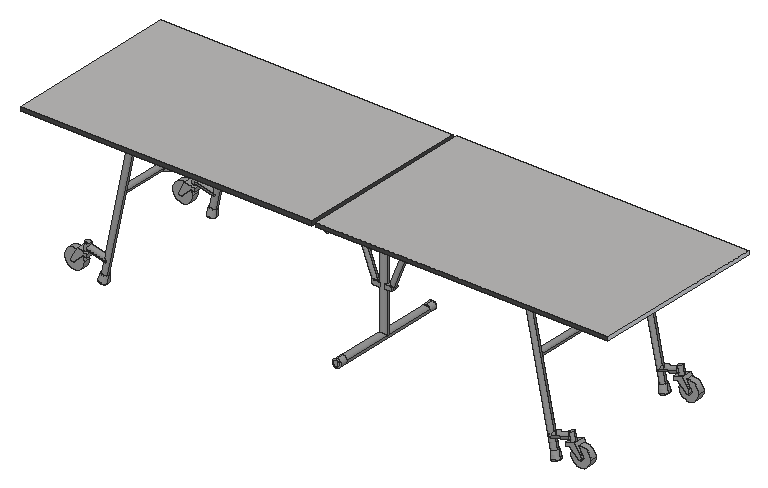
Revit family "23M Rect. 10 Long x 29 High", category Furniture, Revit 2016 (continued)
Automatic sketch dimensions
  Extrusion 57 sketch curve to plane 1 "Center Front/Back" = 1' - 1.83838"
  level to Extrusion 58 sketch curve = 0' - 2.60323"
  plane 3 "Center Left/Right" to Extrusion 58 sketch curve = 4' - 4.13109"
  level to Extrusion 58 sketch curve = 0' - 3.19045"
  Extrusion 58 sketch curve to Extrusion 58 sketch curve = 0' - 0.0982"
  level to Extrusion 58 sketch curve = 0' - 2.37748"
  Extrusion 58 sketch curve to Extrusion 58 sketch curve = 0' - 0.1639"
  Extrusion 58 sketch curve to Extrusion 58 sketch curve = 0' - 0.19297"
  level to Extrusion 58 sketch curve = 0' - 2.3319"
  Extrusion 58 sketch curve to Extrusion 58 sketch curve = 0' - 0.30329"
  level to Extrusion 58 sketch curve = 0' - 5.18826"
  Extrusion 58 sketch curve to Extrusion 58 sketch curve = 0' - 1.14473"
  level to Extrusion 58 sketch curve = 0' - 4.11073"
  Extrusion 58 sketch curve to Extrusion 58 sketch curve = 0' - 1.13066"
  level to Extrusion 58 sketch curve = 0' - 4.04579"
  Extrusion 58 sketch curve to Extrusion 58 sketch curve = 0' - 0.72713"
  level to Extrusion 58 sketch curve = 0' - 4.64752"
  level to Extrusion 59 sketch curve = 0' - 2.82768"
  plane 3 "Center Left/Right" to Extrusion 59 sketch curve = 4' - 3.73769"
  level to Revolve 60 sketch curve = 0' - 0.62113"
  plane 3 "Center Left/Right" to Revolve 60 sketch curve = 3' - 11.16175"
  level to Revolve 60 sketch curve = 0' - 0.41139"
  Revolve 60 sketch curve to Revolve 60 sketch curve = 0' - 0.08686"
  Revolve 60 sketch curve to Revolve 60 sketch curve = 0' - 0.15789"
  level to Revolve 60 sketch curve = 0' - 2.03067"
  Revolve 60 sketch curve to Revolve 60 sketch curve = 0' - 0.51303"
  level to Revolve 60 sketch curve = 0' - 0.24814"  (x2)
  Revolve 60 sketch curve to Revolve 60 sketch curve = 0' - 0.69699"
  Revolve 60 sketch curve to Revolve 60 sketch curve = 0' - 0"  (x2)
  level to Revolve 60 sketch curve = 0' - 1.8841"
  plane 1 "Center Front/Back" to Extrusion 61 sketch curve = 1' - 1.83838"
  plane 1 "Center Front/Back" to Extrusion 62 sketch curve = 1' - 1.83838"
  plane 1 "Center Front/Back" to Extrusion 63 sketch curve = 1' - 1.83838"
  level to Extrusion 64 sketch curve = 0' - 2.60323"
  plane 3 "Center Left/Right" to Extrusion 64 sketch curve = 4' - 4.13109"
  level to Extrusion 64 sketch curve = 0' - 3.19045"
  Extrusion 64 sketch curve to Extrusion 64 sketch curve = 0' - 0.0982"
  level to Extrusion 64 sketch curve = 0' - 2.37748"
  Extrusion 64 sketch curve to Extrusion 64 sketch curve = 0' - 0.1639"
  Extrusion 64 sketch curve to Extrusion 64 sketch curve = 0' - 0.19297"
  level to Extrusion 64 sketch curve = 0' - 2.3319"
  Extrusion 64 sketch curve to Extrusion 64 sketch curve = 0' - 0.30329"
  level to Extrusion 64 sketch curve = 0' - 5.18826"
  Extrusion 64 sketch curve to Extrusion 64 sketch curve = 0' - 1.14473"
  level to Extrusion 64 sketch curve = 0' - 4.11073"
  Extrusion 64 sketch curve to Extrusion 64 sketch curve = 0' - 1.13066"
  level to Extrusion 64 sketch curve = 0' - 4.04579"
  Extrusion 64 sketch curve to Extrusion 64 sketch curve = 0' - 0.72713"
  level to Extrusion 64 sketch curve = 0' - 4.64752"
  level to Extrusion 65 sketch curve = 0' - 2.82768"
  plane 3 "Center Left/Right" to Extrusion 65 sketch curve = 4' - 3.73769"
  level to Revolve 66 sketch curve = 0' - 0.62113"
  plane 3 "Center Left/Right" to Revolve 66 sketch curve = 3' - 11.16175"
  level to Revolve 66 sketch curve = 0' - 0.41139"
  Revolve 66 sketch curve to Revolve 66 sketch curve = 0' - 0.08686"
  Revolve 66 sketch curve to Revolve 66 sketch curve = 0' - 0.15789"
  level to Revolve 66 sketch curve = 0' - 2.03067"
  Revolve 66 sketch curve to Revolve 66 sketch curve = 0' - 0.51303"
  level to Revolve 66 sketch curve = 0' - 0.24814"  (x2)
  Revolve 66 sketch curve to Revolve 66 sketch curve = 0' - 0.69699"
  Revolve 66 sketch curve to Revolve 66 sketch curve = 0' - 0"  (x2)
  level to Revolve 66 sketch curve = 0' - 1.8841"
  level to Extrusion 67 sketch curve = 1' - 6.22033"
  plane 3 "Center Left/Right" to Extrusion 67 sketch curve = 3' - 6.48052"
  plane 1 "Center Front/Back" to Extrusion 68 sketch curve = 0' - 0"
  level to Extrusion 69 sketch curve = 1' - 6.7963"
  plane 3 "Center Left/Right" to Extrusion 69 sketch curve = 3' - 6.23788"
  level to Extrusion 69 sketch curve = 1' - 5.82905"
  Extrusion 69 sketch curve to Extrusion 69 sketch curve = 0' - 0.25918"
  level to Extrusion 69 sketch curve = 1' - 7.39924"
  Extrusion 69 sketch curve to Extrusion 69 sketch curve = 0' - 1.85497"
  Extrusion 69 sketch curve to Extrusion 69 sketch curve = 0' - 0.15456"  (x2)
  level to Extrusion 69 sketch curve = 1' - 6.44822"
  plane 3 "Center Left/Right" to Sweep 70 sketch curve = 2' - 6.42494"
  Sweep 70 sketch curve to Sweep 70 sketch curve = 0' - 0.75675"
  Sweep 70 sketch curve to Sweep 70 sketch curve = 0' - 1.1442"
  level to Sweep 70 sketch curve = 1' - 8.19526"
  Sweep 70 sketch curve to Sweep 70 sketch curve = 0' - 2.77323"
  level to Sweep 70 sketch curve = 1' - 6.75973"
  Sweep 70 sketch curve to Sweep 70 sketch curve = 0' - 10.2009"
  plane 3 "Center Left/Right" to Sweep 70 sketch curve = 0' - 1.24287"
  level to Sweep 70 sketch curve = 2' - 2.87225"
  Sweep 70 sketch curve to profile plane = 0' - 0"
  Sweep 70 sketch curve to profile plane = 0' - 0.00202"
  Extrusion 71 sketch curve to plane 1 "Center Front/Back" = 1' - 2.4397"
  Extrusion 71 sketch curve to Extrusion 71 sketch curve = 0' - 0"  (x4)
  Extrusion 71 sketch curve to plane 1 "Center Front/Back" = 0' - 2.8156"
  Extrusion 71 sketch curve to Extrusion 71 sketch curve = 2' - 10 3/4"
  plane 1 "Center Front/Back" to Extrusion 71 sketch curve = 0' - 2.6994"
  Extrusion 71 sketch curve to Extrusion 71 sketch curve = 0' - 10 1/4"  (x2)
  Extrusion 71 sketch curve to Extrusion 71 sketch curve = 0' - 0 1/8"  (x4)
  Extrusion 71 sketch curve to Extrusion 71 sketch curve = 0' - 11.7403"
  plane 3 "Center Left/Right" to Extrusion 72 sketch curve = 0' - 0.73571"
  level to Extrusion 72 sketch curve = 5' - 5.93459"
  Extrusion 72 sketch curve to Extrusion 72 sketch curve = 0' - 0.53109"
  Extrusion 72 sketch curve to Extrusion 72 sketch curve = 0' - 1.2141"
  Extrusion 72 sketch curve to Extrusion 72 sketch curve = 0' - 1.37051"
  Extrusion 72 sketch curve to Extrusion 72 sketch curve = 0' - 0 5/16"  (x2)
  Extrusion 72 sketch curve to Extrusion 72 sketch curve = 0' - 0 1/4"
  Extrusion 72 sketch curve to Extrusion 72 sketch curve = 0' - 0.54127"
  Extrusion 72 sketch curve to Extrusion 72 sketch curve = 0' - 1.04904"
  Extrusion 72 sketch curve to Extrusion 72 sketch curve = 0' - 0.70096"
  plane 3 "Center Left/Right" to Extrusion 73 sketch curve = 0' - 0.73571"
  level to Extrusion 73 sketch curve = 5' - 5.93459"
  Extrusion 73 sketch curve to Extrusion 73 sketch curve = 0' - 0.53109"
  Extrusion 73 sketch curve to Extrusion 73 sketch curve = 0' - 1.2141"
  Extrusion 73 sketch curve to Extrusion 73 sketch curve = 0' - 1.37051"
  Extrusion 73 sketch curve to Extrusion 73 sketch curve = 0' - 0 5/16"  (x2)
  Extrusion 73 sketch curve to Extrusion 73 sketch curve = 0' - 0 1/4"
  Extrusion 73 sketch curve to Extrusion 73 sketch curve = 0' - 0.54127"
  Extrusion 73 sketch curve to Extrusion 73 sketch curve = 0' - 1.04904"
  Extrusion 73 sketch curve to Extrusion 73 sketch curve = 0' - 0.70096"
  plane 1 "Center Front/Back" to Extrusion 74 sketch curve = 0' - 0"
  Extrusion 75 sketch curve to plane 1 "Center Front/Back" = 1' - 1.83838"
  Extrusion 76 sketch curve to plane 1 "Center Front/Back" = 1' - 1.83838"
  Extrusion 77 sketch curve to plane 1 "Center Front/Back" = 1' - 1.83838"
  level to Extrusion 78 sketch curve = 0' - 1.65415"
  plane 3 "Center Left/Right" to Extrusion 78 sketch curve = 1' - 3.30612"
  Extrusion 78 sketch curve to Extrusion 78 sketch curve = 0' - 0.0982"
  Extrusion 78 sketch curve to Extrusion 78 sketch curve = 0' - 0.1639"
  Extrusion 78 sketch curve to Extrusion 78 sketch curve = 0' - 0.19297"
  Extrusion 78 sketch curve to Extrusion 78 sketch curve = 0' - 0.30329"
  Extrusion 78 sketch curve to Extrusion 78 sketch curve = 0' - 1.14473"
  Extrusion 78 sketch curve to Extrusion 78 sketch curve = 0' - 1.13066"
  Extrusion 78 sketch curve to Extrusion 78 sketch curve = 0' - 0.72713"
  Extrusion 78 sketch curve to Extrusion 78 sketch curve = 0' - 0.16116"
  Extrusion 78 sketch curve to Extrusion 78 sketch curve = 0' - 0.03227"
  Extrusion 78 sketch curve to Extrusion 78 sketch curve = 0' - 0.04557"
  Extrusion 78 sketch curve to Extrusion 78 sketch curve = 0' - 0.58722"
  Extrusion 78 sketch curve to Extrusion 78 sketch curve = 0' - 0.85534"
  Extrusion 78 sketch curve to Extrusion 78 sketch curve = 0' - 0.06493"
  Extrusion 78 sketch curve to Extrusion 78 sketch curve = 0' - 0.60173"
  level to Extrusion 79 sketch curve = 0' - 1.97542"
  plane 3 "Center Left/Right" to Extrusion 79 sketch curve = 1' - 2.98685"
  level to Revolve 80 sketch curve = 0' - 1.06962"
  plane 3 "Center Left/Right" to Revolve 80 sketch curve = 0' - 9.9881"
  Revolve 80 sketch curve to Revolve 80 sketch curve = 0' - 0.08686"
  Revolve 80 sketch curve to Revolve 80 sketch curve = 0' - 0.15789"
  Revolve 80 sketch curve to Revolve 80 sketch curve = 0' - 0.51303"
  Revolve 80 sketch curve to Revolve 80 sketch curve = 0' - 0.69699"
  Revolve 80 sketch curve to Revolve 80 sketch curve = 0' - 0.68958"
  Revolve 80 sketch curve to Revolve 80 sketch curve = 0' - 0.05747"
  Revolve 80 sketch curve to Revolve 80 sketch curve = 0' - 0.31552"
  Revolve 80 sketch curve to Revolve 80 sketch curve = 0' - 0"  (x4)
  plane 1 "Center Front/Back" to Extrusion 81 sketch curve = 1' - 1.83838"
  plane 1 "Center Front/Back" to Extrusion 82 sketch curve = 1' - 1.83838"
  plane 1 "Center Front/Back" to Extrusion 83 sketch curve = 1' - 1.83838"
  level to Extrusion 84 sketch curve = 0' - 1.65415"
  plane 3 "Center Left/Right" to Extrusion 84 sketch curve = 1' - 3.30612"
  Extrusion 84 sketch curve to Extrusion 84 sketch curve = 0' - 0.0982"
  Extrusion 84 sketch curve to Extrusion 84 sketch curve = 0' - 0.1639"
  Extrusion 84 sketch curve to Extrusion 84 sketch curve = 0' - 0.02907"
  Extrusion 84 sketch curve to Extrusion 84 sketch curve = 0' - 0.30329"
  Extrusion 84 sketch curve to Extrusion 84 sketch curve = 0' - 1.14473"
  Extrusion 84 sketch curve to Extrusion 84 sketch curve = 0' - 1.13066"
  Extrusion 84 sketch curve to Extrusion 84 sketch curve = 0' - 0.72713"
  Extrusion 84 sketch curve to Extrusion 84 sketch curve = 0' - 0.16116"
  Extrusion 84 sketch curve to Extrusion 84 sketch curve = 0' - 0.58722"
  Extrusion 84 sketch curve to Extrusion 84 sketch curve = 0' - 0.85534"
  Extrusion 84 sketch curve to Extrusion 84 sketch curve = 0' - 0.06493"
  Extrusion 84 sketch curve to Extrusion 84 sketch curve = 0' - 0.60173"
  Extrusion 84 sketch curve to Extrusion 84 sketch curve = 0' - 0.03227"
  Extrusion 84 sketch curve to Extrusion 84 sketch curve = 0' - 0.04557"
  level to Extrusion 85 sketch curve = 0' - 1.97542"
  plane 3 "Center Left/Right" to Extrusion 85 sketch curve = 1' - 2.98685"
  level to Revolve 86 sketch curve = 0' - 1.06962"
  plane 3 "Center Left/Right" to Revolve 86 sketch curve = 0' - 9.9881"
  Revolve 86 sketch curve to Revolve 86 sketch curve = 0' - 0.08686"
  Revolve 86 sketch curve to Revolve 86 sketch curve = 0' - 0.15789"
  Revolve 86 sketch curve to Revolve 86 sketch curve = 0' - 0.51303"
  Revolve 86 sketch curve to Revolve 86 sketch curve = 0' - 0.69699"
  Revolve 86 sketch curve to Revolve 86 sketch curve = 0' - 0.68958"
  Revolve 86 sketch curve to Revolve 86 sketch curve = 0' - 1.26296"
  Revolve 86 sketch curve to Revolve 86 sketch curve = 0' - 0.14658"
  Revolve 86 sketch curve to Revolve 86 sketch curve = 0' - 0"  (x4)
  plane 3 "Center Left/Right" to Extrusion 87 sketch curve = 0' - 10.17166"
  level to Extrusion 87 sketch curve = 1' - 7.27984"
  plane 3 "Center Left/Right" to Extrusion 88 sketch curve = 0' - 10.09148"
  level to Extrusion 88 sketch curve = 1' - 7.89967"
  Extrusion 88 sketch curve to Extrusion 88 sketch curve = 0' - 0.25918"
  Extrusion 88 sketch curve to Extrusion 88 sketch curve = 0' - 1.85497"
  Extrusion 88 sketch curve to Extrusion 88 sketch curve = 0' - 0.15456"  (x2)
  Extrusion 88 sketch curve to Extrusion 88 sketch curve = 0' - 0.34808"
  Extrusion 88 sketch curve to Extrusion 88 sketch curve = 0' - 0.96726"
  Extrusion 88 sketch curve to Extrusion 88 sketch curve = 0' - 0.47551"
  plane 3 "Center Left/Right" to Sweep 89 sketch curve = 0' - 7.79998"
  Sweep 89 sketch curve to Sweep 89 sketch curve = 0' - 0.12422"
  Sweep 89 sketch curve to Sweep 89 sketch curve = 0' - 2.99879"
  level to Sweep 89 sketch curve = 2' - 7.12752"
  Sweep 89 sketch curve to Sweep 89 sketch curve = 0' - 0.08514"
  plane 3 "Center Left/Right" to Sweep 89 sketch curve = 0' - 8.11317"
  Sweep 89 sketch curve to plane 3 "Center Left/Right" = 0' - 1.26904"
  Sweep 89 sketch curve to Sweep 89 sketch curve = 0' - 11.03059"
  Sweep 89 sketch curve to Sweep 89 sketch curve = 2' - 5.95444"
  Sweep 89 sketch curve to profile plane = 0' - 0"
  profile plane to Sweep 89 sketch curve = 0' - 3.53405"
  plane 4 to Extrusion 1 sketch curve = 0' - 3.24988"
  Extrusion 1 sketch curve to plane 3 "Center Left/Right" = 0' - 0 3/8"
  plane 3 "Center Left/Right" to Extrusion 51 sketch curve = 5' - 0"
  plane 3 "Center Left/Right" to Extrusion 51 sketch curve = 0' - 0 3/8"
  Extrusion 90 sketch curve to Extrusion 90 sketch curve = 5' - 2 7/8"
  Extrusion 91 sketch curve to Extrusion 91 sketch curve = 5' - 2 7/8"
  radius of Extrusion 5 sketch curve = 0' - 0 5/8"
  radius of Extrusion 6 sketch curve = 0' - 0 1/2"
  radius of Extrusion 7 sketch curve = 0' - 0 5/8"
  radius of Extrusion 9 sketch curve = 0' - 2"
  radius of Extrusion 11 sketch curve = 0' - 0 5/8"
  radius of Extrusion 12 sketch curve = 0' - 0 1/2"
  radius of Extrusion 13 sketch curve = 0' - 0 5/8"
  radius of Extrusion 15 sketch curve = 0' - 2"
  radius of Extrusion 17 sketch curve = 0' - 0 5/8"
  radius of Extrusion 18 sketch curve = 0' - 0 3/4"
  radius of Extrusion 21 sketch curve = 0' - 0 1/2"
  radius of Sweep 24 sketch curve = 0' - 0 1/2"
  radius of Extrusion 25 sketch curve = 0' - 0 3/4"
  radius of Extrusion 26 sketch curve = 0' - 0 3/4"
  radius of Extrusion 30 sketch curve = 0' - 0 3/4"
  radius of Extrusion 33 sketch curve = 0' - 0 1/2"
  radius of Extrusion 35 sketch curve = 0' - 0 3/4"
  radius of Extrusion 36 sketch curve = 0' - 0 5/8"
  radius of Extrusion 37 sketch curve = 0' - 0 1/2"
  radius of Extrusion 38 sketch curve = 0' - 0 5/8"
  radius of Extrusion 40 sketch curve = 0' - 2"
  radius of Extrusion 42 sketch curve = 0' - 0 5/8"
  radius of Extrusion 43 sketch curve = 0' - 0 1/2"
  radius of Extrusion 44 sketch curve = 0' - 0 5/8"
  radius of Extrusion 46 sketch curve = 0' - 2"
  radius of Extrusion 48 sketch curve = 0' - 0 5/8"
  radius of Sweep 50 sketch curve = 0' - 0 1/2"
  radius of Extrusion 55 sketch curve = 0' - 0 5/8"
  radius of Extrusion 56 sketch curve = 0' - 0 1/2"
  radius of Extrusion 57 sketch curve = 0' - 0 5/8"
  radius of Extrusion 59 sketch curve = 0' - 2"
  radius of Extrusion 61 sketch curve = 0' - 0 5/8"
  radius of Extrusion 62 sketch curve = 0' - 0 1/2"
  radius of Extrusion 63 sketch curve = 0' - 0 5/8"
  radius of Extrusion 65 sketch curve = 0' - 2"
  radius of Extrusion 67 sketch curve = 0' - 0 5/8"
  radius of Extrusion 68 sketch curve = 0' - 0 1/2"
  radius of Sweep 70 sketch curve = 0' - 0 1/2"
  radius of Extrusion 74 sketch curve = 0' - 0 1/2"
  radius of Extrusion 75 sketch curve = 0' - 0 5/8"
  radius of Extrusion 76 sketch curve = 0' - 0 1/2"
  radius of Extrusion 77 sketch curve = 0' - 0 5/8"
  radius of Extrusion 79 sketch curve = 0' - 2"
  radius of Extrusion 81 sketch curve = 0' - 0 5/8"
  radius of Extrusion 82 sketch curve = 0' - 0 1/2"
  radius of Extrusion 83 sketch curve = 0' - 0 5/8"
  radius of Extrusion 85 sketch curve = 0' - 2"
  radius of Extrusion 87 sketch curve = 0' - 0 5/8"
  radius of Sweep 89 sketch curve = 0' - 0 1/2"
Types (3): name | Width | Model
  (no name) | 3' - 0" | "23M15293610"
  23M15293010 | 2' - 6" | "23M15293010"
  23M15293610 | 3' - 0" | "23M15293610"
